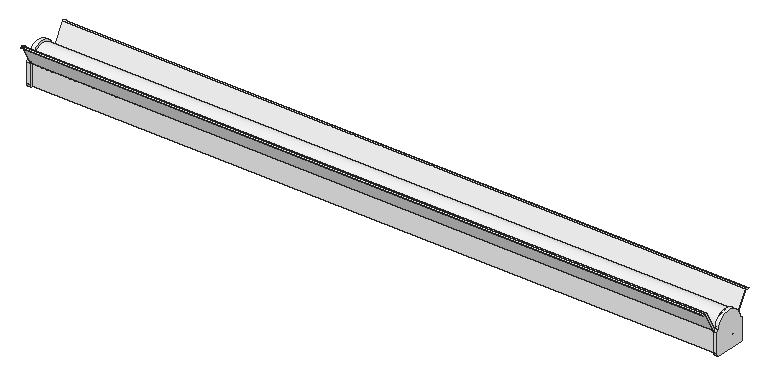
Revit family "0045211+0045235 Feilo Sylvania Lighting Fixture SYLBATTEN LED8 NW DALI TP6 E3 with SYMMETRIC REFLECTOR ACCESSORY 1500MM", category Lighting Fixtures, host Face, Revit 2017
Family settings
  Host = Face
  Round Connector Dimension = Use Diameter
  Part Type = Normal
  OmniClass Number = 23.80.70.00
  OmniClass Title = Lighting
  Cut with Voids When Loaded = No
  Light Source = Yes
  Shared = No
  Room Calculation Point = No
Parameters (values of type "0045211 SYLBATTEN LED8 NW DALI TP6 E3")
  Width_FEILO = 66 mm
  Weight = "3.84 kg"
  Wattage Comments = "n/a"
  Wattage = 82 W
  WarrantyStartDate [instance] = "n/a"
  WarrantyGuarantorParts = "n/a"
  WarrantyDurationUnit = "n/a"
  WarrantyDurationParts = "n/a"
  WarrantyDescription = "n/a"
  built-in parameter 1150110 = 1 (stored number, unit not read)
  Voltage = 230 V
  URL = "http://www.sylvania-lighting.com"
  TypeName = "SYLBATTEN LED8 NW DALI TP6 E3"
  Type Image = <None>
  Type Comments = "n/a"
  built-in parameter 1114217 = 1 (stored number, unit not read)
  Tilt Angle = -90.00°
  built-in parameter 1150109 = 1 (stored number, unit not read)
  built-in parameter 1150134 = 12
  SymReflector_FEILO = yes
  built-in parameter 1150113 = 1 (stored number, unit not read)
  SerialNumber [instance] = "n/a"
  PowerFactor = 0
  PowerConsumption = "82 W"
  Photometric Web File = "0045211+0045235.ies"
  NominalLength = 1505 mm
  NominalHeight = 76 mm
  NominalDepth = 66 mm
  Name = "SYLBATTEN LED8 NW DALI TP6 E3"
  ModelReference = Name  # "SYLBATTEN LED8 NW DALI TP6 E3"
  ModelNumber = "0045211"
  Model = Name  # "SYLBATTEN LED8 NW DALI TP6 E3"
  Material_4_FEILO = Reflector-Sylvania-Sylbatten-White
  Material_3_FEILO = Diffuser-Sylvania-Sylbatten-Glow
  Material_2_FEILO = Body-Sylvania-Sylbatten-White
  Material_1_FEILO = Body-Sylvania-Sylbatten-White
  Material = "sheet steel housing, polycarbonate diffuser"
  ManufacturerName = "Feilo Sylvania"
  Manufacturer = "Feilo Sylvania"
  LuminousEfficacy = "101.8 lm/W"
  built-in parameter 1150105 = 664.28 (stored number, unit not read)
  Lumens = 8347.6 lm
  LuminaireType = ""
  built-in parameter 1150115 = 1 (stored number, unit not read)
  LightOutputRatio = "100"
  built-in parameter 1150137 = (empty or 0)
  built-in parameter 1150139 = (empty or 0)
  Length_FEILO = 1505 mm
  LampsType = Lamp  # "LED"
  LampNominalLuminous = "8348 lm"
  LampMacAdamStep = "n/a"
  LampColourTemperature = "4000 K"
  LampColourRenderingIndex = "80"
  built-in parameter 1150112 = 1 (stored number, unit not read)
  built-in parameter 1150114 = 1 (stored number, unit not read)
  Lamp = "LED"
  Keynote = "16500"
  InstallationDate [instance] = "n/a"
  InputVoltage = "220-240V~"
  InputNominalFrequency = "n/a"
  built-in parameter 1150132 = (empty or 0)
  built-in parameter 1150102 = (empty or 0)
  built-in parameter 1150107 = 4000 (stored number, unit not read)
  built-in parameter 1150138 = (empty or 0)
  IngressProtection = "IP20"
  ImpactProtectionIndex = "IK07"
  built-in parameter 1150106 = 6.6428 (stored number, unit not read)
  IfcExportType = "IfcLightFixtureType"
  IfcExportAs = "IfcLightFixtureType"
  Height_FEILO = 76 mm
  ExpectedLife = 50000
  Emit from Rectangle Width = Length_FEILO - 16 mm  # 1489 mm
  Emit from Rectangle Length = Width_FEILO - 40 mm  # 26 mm
  Emit Shape Visible in Rendering = no
  ElectricShockClassification = "Class I"
  built-in parameter 1150104 = 9.4575 (stored number, unit not read)
  DurationUnit = "hours"
  DocumentationLiterature = "http://www.sylvania-lighting.com/product/en-int/products/0045211"
  DimmingControlOptions = "Dimmable"
  Dimming Lamp Color Temperature Shift = <None>
  Description = "LED batten, T8 replacement, ease of installation through 2 part push-in design of the housing (safety cable included), through wiring capability (TP6 = 6 core), sheet steel, 8348LM, 79W, 106lm/W, 4000K, drive current: 450mA, CRI 80, 138° wide beam angle, DALI dimmable, integral 3 hour maintained emergency, IP20, IK07, 50,000 hrs (L70), (LxWxH) 1505x66x76mm, 5 step MacAdam ellipse, 3.7kg, white RAL 9016, Class 1, 220-240V, energy class: A++, A+, A."
  Default Elevation = 1219.2 mm
  CreatedOn = "2/22/2018"
  CreatedBy = ""
  Cost = 0
  Color Filter = 16777215
  built-in parameter 1114216 [instance] = (empty or 0)
  ClassificationValue = "EF_70_80"
  ClassificationName = "Uniclass2015"
  CapOffset_FEILO = 2 mm
  BarCode [instance] = "n/a"
  built-in parameter 1114218 = 1 (stored number, unit not read)
  BackReflector_FEILO = and(not(AsymReflector_FEILO), SymReflector_FEILO)  # yes
  built-in parameter 1150133 = 10 (stored number, unit not read)
  FrontReflector_FEILO = or(AsymReflector_FEILO, SymReflector_FEILO)  # yes
  AsymReflector_FEILO = no
  AssetType = "Fixed"
  AssetIdentifier [instance] = "n/a"
  Assembly Code = "D5020200"
  Apparent Load = 82 VA
Reference planes
  plane 1 "Center (Front/Back)": y = 0
  plane 2: z = 0
  plane 3 "Center (Left/Right)": x = 0
  plane 4: x = 752.5
  plane 5: x = -752.5
  plane 6: y = 33
  plane 7: y = -33
  plane 8: z = 76
  plane 9: z = 47
  plane 10: y = -29
  plane 11: y = 29
  plane 12: z = 20
  plane 13: z = 74
  plane 14: y = -31
  plane 15: y = -27
  plane 16: y = 27
  plane 17: y = 31
  plane 18: z = 2
  plane 19: x = -744.5
  plane 20: x = 744.5
  plane 21: z = 49
  plane 22: y = 1
  plane 23: y = -1
  plane 24: z = 21
  plane 25: z = 19
  plane 26: y = -61
  plane 27: y = 61
  plane 28: y = -56
  plane 29: y = 56
  plane 30: z = 91
  plane 31: z = 88
Forms (mm)
  Extrusion 1, solid, material "Body-Sylvania-Sylbatten-White" <- "Material_2_FEILO"
    sketch origin (0, 0, 0) x (0, 1, 0) y (0, 0, 1)
      loop
        line (-31, 2) -> (31, 2) -> (31, 45)
        arc (31, 45) -> (30.414, 46.414) -> (29, 47) r 2
        line (29, 47) -> (27, 47)
        arc (27, 47) -> (0, 74) -> (-27, 47) r 27
        line (-27, 47) -> (-29, 47)
        arc (-29, 47) -> (-30.414, 46.414) -> (-31, 45) r 2
        line (-31, 45) -> (-31, 2)
    from -744.5 to 744.5
  Extrusion 2, solid, material "Body-Sylvania-Sylbatten-White" <- "Material_2_FEILO"
    sketch origin (752.5, 1524, 1219.2) x (0, 1, 0) y (0, 0, 1)
      loop
        arc (-1494, -1219.2) -> (-1491.879, -1218.321) -> (-1491, -1216.2) r 3
        line (-1491, -1216.2) -> (-1491, -1173.2)
        arc (-1491, -1173.2) -> (-1491.879, -1171.079) -> (-1494, -1170.2) r 3
        line (-1494, -1170.2) -> (-1495.069, -1170.2)
        arc (-1495.069, -1170.2) -> (-1524, -1143.2) -> (-1552.931, -1170.2) r 29
        line (-1552.931, -1170.2) -> (-1554, -1170.2)
        arc (-1554, -1170.2) -> (-1556.121, -1171.079) -> (-1557, -1173.2) r 3
        line (-1557, -1173.2) -> (-1557, -1216.2)
        arc (-1557, -1216.2) -> (-1556.121, -1218.321) -> (-1554, -1219.2) r 3
        line (-1554, -1219.2) -> (-1494, -1219.2)
      loop
        arc (-1525, -1189.25) -> (-1531.071, -1192.129) -> (-1533.95, -1198.2) r 10
        line (-1533.95, -1198.2) -> (-1532.944, -1198.2)
        arc (-1532.944, -1198.2) -> (-1530.364, -1192.836) -> (-1525, -1190.256) r 9
        line (-1525, -1190.256) -> (-1525, -1189.25)
      loop
        arc (-1523, -1190.256) -> (-1517.636, -1192.836) -> (-1515.056, -1198.2) r 9
        line (-1515.056, -1198.2) -> (-1514.05, -1198.2)
        arc (-1514.05, -1198.2) -> (-1516.929, -1192.129) -> (-1523, -1189.25) r 10
        line (-1523, -1189.25) -> (-1523, -1190.256)
      loop
        line (-1532.944, -1200.2) -> (-1533.95, -1200.2)
        arc (-1533.95, -1200.2) -> (-1531.071, -1206.271) -> (-1525, -1209.15) r 10
        line (-1525, -1209.15) -> (-1525, -1208.144)
        arc (-1525, -1208.144) -> (-1530.364, -1205.564) -> (-1532.944, -1200.2) r 9
      loop
        arc (-1515.056, -1200.2) -> (-1517.636, -1205.564) -> (-1523, -1208.144) r 9
        line (-1523, -1208.144) -> (-1523, -1209.15)
        arc (-1523, -1209.15) -> (-1516.929, -1206.271) -> (-1514.05, -1200.2) r 10
        line (-1514.05, -1200.2) -> (-1515.056, -1200.2)
    from 0 to -8
  Extrusion 3, solid, material "Body-Sylvania-Sylbatten-White" <- "Material_2_FEILO"
    sketch origin (-752.5, 1524, 1219.2) x (0, 1, 0) y (0, 0, 1)
      loop
        arc (-1495.069, -1170.2) -> (-1524, -1143.2) -> (-1552.931, -1170.2) r 29
        line (-1552.931, -1170.2) -> (-1554, -1170.2)
        arc (-1554, -1170.2) -> (-1556.121, -1171.079) -> (-1557, -1173.2) r 3
        line (-1557, -1173.2) -> (-1557, -1216.2)
        arc (-1557, -1216.2) -> (-1556.121, -1218.321) -> (-1554, -1219.2) r 3
        line (-1554, -1219.2) -> (-1494, -1219.2)
        arc (-1494, -1219.2) -> (-1491.879, -1218.321) -> (-1491, -1216.2) r 3
        line (-1491, -1216.2) -> (-1491, -1173.2)
        arc (-1491, -1173.2) -> (-1491.879, -1171.079) -> (-1494, -1170.2) r 3
        line (-1494, -1170.2) -> (-1495.069, -1170.2)
      loop
        line (-1533.95, -1198.2) -> (-1532.944, -1198.2)
        arc (-1532.944, -1198.2) -> (-1530.364, -1192.836) -> (-1525, -1190.256) r 9
        line (-1525, -1190.256) -> (-1525, -1189.25)
        arc (-1525, -1189.25) -> (-1531.071, -1192.129) -> (-1533.95, -1198.2) r 10
      loop
        line (-1523, -1189.25) -> (-1523, -1190.256)
        arc (-1523, -1190.256) -> (-1517.636, -1192.836) -> (-1515.056, -1198.2) r 9
        line (-1515.056, -1198.2) -> (-1514.05, -1198.2)
        arc (-1514.05, -1198.2) -> (-1516.929, -1192.129) -> (-1523, -1189.25) r 10
      loop
        line (-1514.05, -1200.2) -> (-1515.056, -1200.2)
        arc (-1515.056, -1200.2) -> (-1517.636, -1205.564) -> (-1523, -1208.144) r 9
        line (-1523, -1208.144) -> (-1523, -1209.15)
        arc (-1523, -1209.15) -> (-1516.929, -1206.271) -> (-1514.05, -1200.2) r 10
      loop
        line (-1525, -1209.15) -> (-1525, -1208.144)
        arc (-1525, -1208.144) -> (-1530.364, -1205.564) -> (-1532.944, -1200.2) r 9
        line (-1532.944, -1200.2) -> (-1533.95, -1200.2)
        arc (-1533.95, -1200.2) -> (-1531.071, -1206.271) -> (-1525, -1209.15) r 10
    from 0 to 8
  Extrusion 4, solid, material "Reflector-Sylvania-Sylbatten-White" <- "Material_4_FEILO", visible <- "FrontReflector_FEILO"
    sketch origin (0, 0, 0) x (0, 1, 0) y (0, 0, 1)
      loop
        line (-61.257, 88.429) -> (-60.743, 87.571) -> (-56.621, 90.044)
        arc (-56.621, 90.044) -> (-56.237, 90.099) -> (-55.929, 89.863) r 0.5
        line (-55.929, 89.863) -> (-31.435, 46.753) -> (-30.565, 47.247) -> (-55.312, 90.802)
        arc (-55.312, 90.802) -> (-55.928, 91.275) -> (-56.696, 91.165) r 1
        line (-56.696, 91.165) -> (-61.257, 88.429)
    from -744.5 to 744.5
  Extrusion 5, solid, material "Reflector-Sylvania-Sylbatten-White" <- "Material_4_FEILO", visible <- "BackReflector_FEILO"
    sketch origin (0, 0, 0) x (0, 1, 0) y (0, 0, 1)
      loop
        line (30.565, 47.247) -> (31.435, 46.753) -> (55.932, 89.868)
        arc (55.932, 89.868) -> (56.245, 90.112) -> (56.638, 90.062) r 0.518
        line (56.638, 90.062) -> (61.033, 87.565) -> (61.527, 88.435) -> (56.682, 91.188)
        arc (56.682, 91.188) -> (55.922, 91.282) -> (55.318, 90.812) r 1
        line (55.318, 90.812) -> (30.565, 47.247)
    from -744.5 to 744.5
Lines and regions (mm)
  reference lines
    curve 1: line (0, -61, 88) -> (0, -56, 91)
    curve 2: line (0, -56, 91) -> (0, -31, 47)
    curve 3: line (0, 31, 47) -> (0, 56, 91)
    curve 4: line (0, 56, 91) -> (0, 61.28, 88)
Dimensions and locks
  equal spacing: plane 5, plane 3 "Center (Left/Right)", plane 4
  equal spacing: plane 7, plane 1 "Center (Front/Back)", plane 6
  "Width_FEILO": plane 7 to plane 6
  "Length_FEILO": plane 5 to plane 4
  "Height_FEILO": plane 8 to plane 2
  locked: plane 9 to plane 8 at 29
  equal spacing: plane 10, plane 1 "Center (Front/Back)", plane 11
  locked: plane 7 to plane 10 at 4
  locked: plane 12 to plane 2 at 20
  "CapOffset_FEILO": plane 13 to plane 8
  "CapOffset_FEILO": plane 7 to plane 14
  "CapOffset_FEILO": plane 10 to plane 15
  "CapOffset_FEILO": plane 17 to plane 6
  "CapOffset_FEILO": plane 16 to plane 11
  "CapOffset_FEILO": plane 18 to plane 2
  locked: plane 14 to Extrusion 1 sketch curve at 2
  locked: Extrusion 1 sketch curve to plane 9 at 2  (x2)
  locked: plane 16 to Extrusion 1 sketch curve at 2
  equal spacing: plane 19, plane 3 "Center (Left/Right)", plane 20
  locked: plane 5 to plane 19 at 8
  "CapOffset_FEILO": plane 9 to plane 21
  locked: Extrusion 2 sketch curve to plane 2 at 47
  locked: Extrusion 1 sketch curve to plane 2 at 47
  locked: Extrusion 2 sketch curve to plane 2 at 3  (x2)
  locked: plane 7 to Extrusion 2 sketch curve at 3  (x2)
  locked: Extrusion 2 sketch curve to plane 6 at 3  (x2)
  locked: Extrusion 2 sketch curve to plane 21 at 3  (x2)
  equal spacing: plane 23, plane 1 "Center (Front/Back)", plane 22
  equal spacing: plane 25, plane 12, plane 24
  plane 30 to plane 31 to plane 2 = 3 mm locked, 88 mm locked
  plane 28 to plane 29 = 112 mm
  plane 26 to plane 27 = 122 mm
  aligned and locked: plane 2 to host face
  aligned and locked: level to host face
  aligned and locked: plane 18 to Extrusion 1 sketch curve
  aligned and locked: plane 14 to Extrusion 1 sketch curve
  aligned and locked: Extrusion 1 sketch curve to plane 9  (x2)
  aligned and locked: Extrusion 1 sketch curve to plane 17
  aligned and locked: plane 15 to Extrusion 1 sketch curve
  aligned and locked: plane 16 to Extrusion 1 sketch curve
  aligned and locked: plane 9 to Extrusion 1 sketch curve
  aligned and locked: plane 20 to Extrusion 1
  aligned and locked: level to Extrusion 2 sketch curve
  aligned and locked: Extrusion 2 sketch curve to plane 7
  aligned and locked: plane 21 to Extrusion 2 sketch curve
  aligned and locked: Extrusion 2 sketch curve to plane 21
  aligned and locked: plane 1 "Center (Front/Back)" to Extrusion 2 sketch curve  (x3)
  aligned and locked: Extrusion 2 to Extrusion 1
  aligned and locked: plane 4 to Extrusion 2
  aligned and locked: plane 12 to Extrusion 2 sketch curve  (x2)
  aligned and locked: Extrusion 2 sketch curve to plane 22
  aligned and locked: Extrusion 2 sketch curve to plane 23
  aligned and locked: Extrusion 2 sketch curve to plane 24
  aligned and locked: Extrusion 2 sketch curve to plane 25
  aligned and locked: plane 25 to Extrusion 2 sketch curve
  aligned and locked: plane 22 to Extrusion 2 sketch curve
  aligned and locked: plane 24 to Extrusion 2 sketch curve
  aligned and locked: plane 23 to Extrusion 2 sketch curve  (x2)
  aligned and locked: Extrusion 3 sketch curve to Extrusion 2  (x22)
  aligned and locked: Extrusion 3 to Extrusion 1
  aligned and locked: Extrusion 3 to plane 5
  aligned and locked: plane 19 to Extrusion 3
  aligned and locked: plane 31 to curve 1
  aligned and locked: plane 30 to curve 1
  aligned and locked: plane 14 to curve 2
  aligned and locked: plane 9 to curve 2
  aligned and locked: plane 17 to curve 3
  aligned and locked: plane 30 to curve 3
  aligned and locked: plane 31 to curve 4
  aligned and locked: Extrusion 4 sketch curve to curve 2
  aligned and locked: Extrusion 4 sketch curve to curve 1
  aligned and locked: Extrusion 4 to Extrusion 1
  aligned and locked: Extrusion 1 to Extrusion 4
  aligned and locked: imposter light to plane 1 "Center (Front/Back)"
  aligned and locked: imposter light to plane 3 "Center (Left/Right)"
  aligned and locked: imposter light to plane 13
  aligned and locked: Extrusion 5 sketch curve to curve 4
  aligned and locked: Extrusion 5 sketch curve to curve 3
  aligned and locked: Extrusion 1 to Extrusion 5
  aligned and locked: Extrusion 5 to Extrusion 1
Automatic sketch dimensions
  host sketch curve to host sketch curve = 2438.4 mm  (x2)
  Extrusion 2 sketch curve to Extrusion 2 sketch curve = 0 mm  (x14)
  Extrusion 2 sketch curve to plane 10 = 0.069 mm
  plane 23 to Extrusion 2 sketch curve = 8.95 mm
  Extrusion 2 sketch curve to Extrusion 2 sketch curve = 1.006 mm  (x4)
  Extrusion 2 sketch curve to plane 22 = 7.944 mm
  curve 1 to plane 26 = 0 mm
  curve 2 to plane 28 = 0 mm
  curve 4 to plane 29 = 0 mm
  plane 9 to curve 3 = 0 mm
  plane 26 to Extrusion 4 sketch curve = 0.257 mm
  Extrusion 4 sketch curve to plane 26 = 0.257 mm
  Extrusion 4 sketch curve to plane 30 = 0.165 mm
  plane 28 to Extrusion 4 sketch curve = 0.696 mm
  plane 28 to Extrusion 4 sketch curve = 0.621 mm
  plane 28 to Extrusion 4 sketch curve = 0.364 mm
  plane 28 to Extrusion 4 sketch curve = 0.182 mm
  Extrusion 4 sketch curve to plane 28 = 0.071 mm
  plane 30 to Extrusion 4 sketch curve = 0.198 mm
  Extrusion 4 sketch curve to plane 28 = 0.688 mm
  plane 9 to Extrusion 4 sketch curve = 0.247 mm
  plane 1 "Center (Front/Back)" to Extrusion 4 sketch curve = 31.435 mm
  Extrusion 5 sketch curve to plane 9 = 0.247 mm
  Extrusion 5 sketch curve to plane 1 "Center (Front/Back)" = 30.565 mm
  plane 9 to Extrusion 5 sketch curve = 0.247 mm
  plane 30 to Extrusion 5 sketch curve = 0.188 mm
  plane 29 to Extrusion 5 sketch curve = 0.068 mm
  Extrusion 5 sketch curve to plane 29 = 0.188 mm
  Extrusion 5 sketch curve to plane 29 = 0.382 mm
  Extrusion 5 sketch curve to Extrusion 5 sketch curve = 0.256 mm
  Extrusion 5 sketch curve to plane 30 = 0.188 mm
  Extrusion 5 sketch curve to plane 29 = 0.682 mm
  Extrusion 5 sketch curve to plane 27 = 0.033 mm
  Extrusion 5 sketch curve to plane 27 = 0.527 mm
Connectors
  electrical at (0, 0, 0), driven by "Apparent Load", driven by "PowerFactor", driven by "Voltage"
    settings: index 1, voltage 230 V, apparent load 82 VA, apparent load phase1 0 VA, apparent load phase2 0 VA, apparent load phase3 0 VA, power factor 0, load classification "Lighting", number of poles 1, system type 30, power factor state 1, is connector primary yes, connector utility no, sub classification motor no, connector description ""
